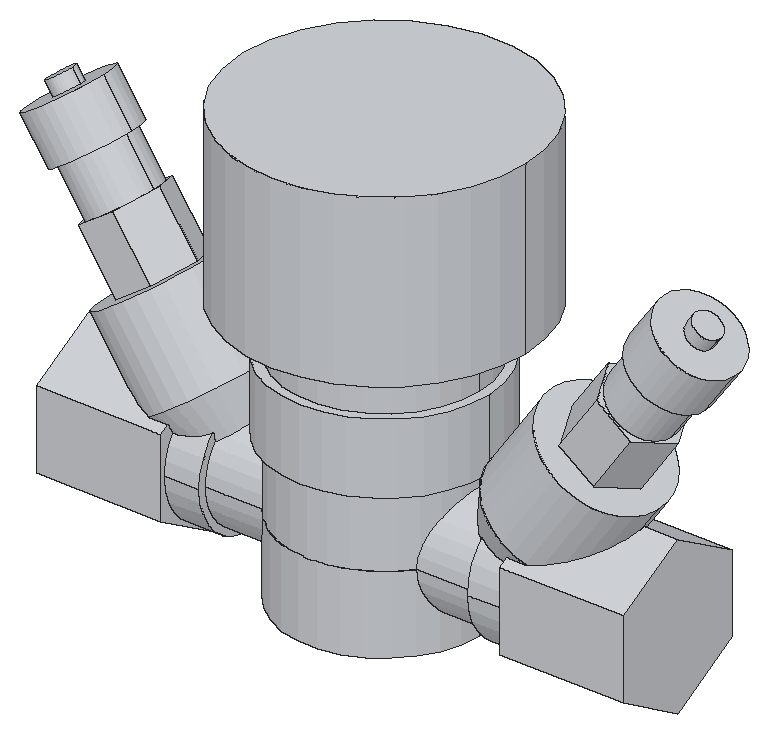
Revit family "D9525-DN-RFA2019", category Pipe Accessories, Revit 2019
Family settings
  Round Connector Dimension = Use Diameter
  Part Type = Valve - Breaks Into
  Work Plane-Based = No
  Always vertical = Yes
  Cut with Voids When Loaded = No
  Shared = No
Parameters (values of type "9525 DN15 LF")
  magiProductId = "0f0d3c44fff84d33bcc3edb98b3d66"
  magiProductFamilyId = "ec630ab62332464eb6277f46734e39"
  magiPartTypeId = 304
  isMeasuringValve [instance] = no
  ang2D [instance] = 0.00°
  ZZ = 10.076 mm
  ZN = 2 mm
  ZB1 = 9 mm
  ZB = 11 mm
  Z11 = 7 mm
  Z1 = 10 mm
  X0 = 18 mm
  W2D = 15 mm
  VersionID = "2.0/2019.5.23.1/VIR_9525_201"
  VIS0 = no
  V22 = 15.7 mm
  V2 = 17.8 mm
  V = 40 mm
  Use Minimum Symbol Size [instance] = no
  URL = "www.hydronix.cz"
  Type Comments = "závitový; PN10 (-10~+120°C) nebo PN20 (-10~+80°C)"
  RT = 2 mm
  RN = 11 mm
  R9 = 5 mm
  R8 = 6 mm
  R3 = 9 mm
  R2 = 8 mm
  R11 = 4.5 mm
  R1 = 9 mm
  R = 7.5 mm
  QmdConnectorList = "301;D;302;D"
  Productdata [instance] = ""
  Manufacturer = "Hydronix"
  MC Product Code = "9525 014 (D9525 DN15LF; kvs=0,86)"
  MC Piping Given Pressure Drop [instance] = 0.0 Pa
  MC Enable LOD 350 = no
  MC Enable LOD 200 = no
  MC Constant Outlet Pressure [instance] = 0.0 Pa
  L_2 = 41.5 mm
  LLDONLY = not(BBVIS)  # yes
  LLDAndHLD = and(or(LLDONLY, MC Enable LOD 350), not(BBVIS))  # yes
  LC = 9.8 mm
  L3 = 22.5 mm
  L2__ve = -L2  # -5 mm
  L2D_Min = 30.48 mm
  L2D = 83 mm
  L2 = 5 mm
  L1__ve = -L1  # -17.5 mm
  L1 = 17.5 mm
  L = 83 mm
  I4 = 26.585 mm
  I3 = 44.585 mm
  I2 = 49.5 mm
  I = 99 mm
  HBTR = 6.952 mm
  HBT3 = 6.952 mm
  HBT2 = 9.27 mm
  HBT11 = 13.099 mm
  HBT1 = 23.175 mm
  HBT = 46.35 mm
  HB = 51 mm
  ENBL350 = and(MC Enable LOD 350, not(BBVIS))  # no
  Description = "Ruční vyvažovací a 2-cestný regulační ventil závitový; bronzový; DN15LF; kvs0,86"
  DB11 = 25.65 mm
  DB1 = 29.7 mm
  DB = 27 mm
  D = 15 mm
  CenSd_RN_6 = RN * cos(30.00°)  # 9.526 mm
  CenSd_R8_6 = R8 * cos(30.00°)  # 5.196 mm
  CAT0 = yes
  CAT = no
  BBVIS = MC Enable LOD 200  # no
Types (4, lengths in mm): name | magiProductId | ZZ | ZB1 | ZB | Z11 | Z1 | W2D | RN | R3 | R2 | R | MC Product Code | L_2 | L2D | L | I4 | I3 | I2 | I | HBTR | HBT3 | HBT2 | HBT11 | HBT1 | HBT | HB | Description | DB11 | DB1 | DB | D | CenSd_RN_6
  9525 DN15 NF | "38bc2a49e75f44a19550cf5c31e8d8" | 10.076 | 9 | 11 | 7 | 10 | 15 | 11 | 9 | 8 | 7.5 | "9525 015 (D9525 DN15NF; kvs=1,83)" | 41.5 | 83 | 83 | 26.585 | 44.585 | 49.5 | 99 | 6.952 | 6.952 | 9.27 | 13.099 | 23.175 | 46.35 | 51 | "Ruční vyvažovací a 2-cestný regulační ventil závitový; bronzový; DN15NF; kvs1,83" | 25.65 | 29.7 | 27 | 15 | 9.526
  9525 DN15 LF | "0f0d3c44fff84d33bcc3edb98b3d66" | 10.076 | 9 | 11 | 7 | 10 | 15 | 11 | 9 | 8 | 7.5 | "9525 014 (D9525 DN15LF; kvs=0,86)" | 41.5 | 83 | 83 | 26.585 | 44.585 | 49.5 | 99 | 6.952 | 6.952 | 9.27 | 13.099 | 23.175 | 46.35 | 51 | "Ruční vyvažovací a 2-cestný regulační ventil závitový; bronzový; DN15LF; kvs0,86" | 25.65 | 29.7 | 27 | 15 | 9.526
  9525 DN20 | "da587af331304b45b3ec03b8fa0f34" | 11.213 | 12.667 | 14.667 | 7 | 10 | 20 | 14.667 | 12 | 10.667 | 10 | "9525 020 (D9525 DN20; kvs=3,47)" | 45 | 90 | 90 | 29.585 | 47.585 | 52.5 | 105 | 7.737 | 7.737 | 10.316 | 14.577 | 25.79 | 51.58 | 51 | "Ruční vyvažovací a 2-cestný regulační ventil závitový; bronzový; DN20; kvs3,47" | 27.813 | 32.205 | 29.277 | 20 | 12.702
  9525 DN25 | "1f5bab54bc3c45cdac322ce9a95cfe" | 11.971 | 16.333 | 18.333 | 9.745 | 13.922 | 25 | 18.333 | 15 | 13.333 | 12.5 | "9525 025 (D9525 DN25; kvs=6,30)" | 49 | 98 | 98 | 31.585 | 49.585 | 54.5 | 109 | 8.26 | 8.26 | 11.013 | 15.562 | 27.533 | 55.067 | 71 | "Ruční vyvažovací a 2-cestný regulační ventil závitový; bronzový; DN25; kvs6,30" | 30.286 | 35.067 | 31.88 | 25 | 15.877
Reference planes
  plane 1 "Center (Front/Back)": y = 0
  plane 2 "XYPLANE": z = 0
  plane 3 "Center (Left/Right)": x = 0
  plane 4 "506": x = -2.2
  plane 5 "476": through (-590.585, 0, 438.436) normal (0.5736, 0, 0.8192)
  plane 6 "473": through (-638.143, 0, -421.929) normal (-0.5736, 0, 0.8192)
  plane 7 "470": z = -9
  plane 8 "442": x = 49.5
  plane 9 "441": x = -49.5
  plane 10 "440": y = 20
  plane 11 "439": y = -20
  plane 12 "438": z = -11
  plane 13 "436": through (-569.779, 0, 468.15) normal (0.5736, 0, 0.8192)
  plane 14 "435": through (-573.767, 0, 462.455) normal (0.5736, 0, 0.8192)
  plane 15 "434": through (-577.754, 0, 456.76) normal (0.5736, 0, 0.8192)
  plane 16 "433": through (-583.071, 0, 449.166) normal (0.5736, 0, 0.8192)
  plane 17 "422": through (-658.949, 0, -392.215) normal (-0.5736, 0, 0.8192)
  plane 18 "419": through (-654.961, 0, -397.91) normal (-0.5736, 0, 0.8192)
  plane 19 "416": through (-650.974, 0, -403.605) normal (-0.5736, 0, 0.8192)
  plane 20 "413": through (-645.657, 0, -411.199) normal (-0.5736, 0, 0.8192)
  plane 21 "400": z = 35.2
  plane 22 "397": z = 33.2
  plane 23 "396": z = 51
  plane 24 "395": z = 27
  plane 25 "394": x = -20
  plane 26 "393": x = -0.2
  plane 27 "390": z = 20
  plane 28 "387": z = 10
  plane 29 "369": x = -18
  plane 30 "368": x = 18
  plane 31 "364": z = -11
  plane 32 "356": y = 0
  plane 33 "355": through (-448.182, 0, 614.364) normal (0.8192, 0, 0.5736)
  plane 34 "353": through (-632.364, 0, -430.182) normal (-0.5736, 0, 0.8192)
  plane 35 "328": y = 0
  plane 36 "157": x = 19
  plane 37 "70": through (-596.364, 0, 430.182) normal (0.5736, 0, 0.8192)
  plane 38 "68": through (448.182, 0, 614.364) normal (0.8192, 0, -0.5736)
  plane 39 "21": x = -19
  plane 40 "20": x = 24
  plane 41 "19": x = -24
  plane 42 "13": x = 0
  plane 43 "11": x = 41.5
  plane 44 "10": x = -41.5
  plane 45 "9": y = 0
  plane 46 "8": z = 0
  plane 47 "340XY": through (-632.364, 0, -430.182) normal (-0.5736, 0, 0.8192)
  plane 48 "340XZ": y = 0
  plane 49 "340YZ": through (-448.182, 0, 614.364) normal (0.8192, 0, 0.5736)
  plane 50 "65XY": through (-596.364, 0, 430.182) normal (0.5736, 0, 0.8192)
  plane 51 "65XZ": y = 0
  plane 52 "65YZ": through (448.182, 0, 614.364) normal (0.8192, 0, -0.5736)
Forms (mm)
  Extrusion 1, solid, visible <- "LLDAndHLD"
    sketch origin (-583.071, 0, 449.166) x (0.819152, 0, -0.573576) y (0, 1, 0)
      loop
        line (756, 0) -> (753, 5.196) -> (747, 5.196) -> (744, 0) -> (747, -5.196) -> (753, -5.196) -> (756, 0)
    from 0 to 9.27 <- "HBT2"
  Extrusion 2, solid, visible <- "LLDAndHLD"
    sketch origin (-645.657, 0, -411.199) x (0.819152, 0, 0.573576) y (0, 1, 0)
      loop
        line (756, 0) -> (753, 5.196) -> (747, 5.196) -> (744, 0) -> (747, -5.196) -> (753, -5.196) -> (756, 0)
    from 0 to 9.27 <- "HBT2"
  Blend 3, solid, visible <- "LLDAndHLD"
    base sketch origin (-596.364, 0, 430.182) x (0.819152, 0, -0.573576) y (0, 1, 0)
      loop
        circle (750, 0) r 4.5
    top sketch origin (-596.364, 0, 430.182) x (0.819152, 0, -0.573576) y (0, 1, 0)
      loop
        circle (750, 0) r 9
    from 0 to 10.076
  Blend 4, solid, visible <- "LLDAndHLD"
    base sketch origin (-638.143, 0, -421.929) x (0.819152, 0, 0.573576) y (0, 1, 0)
      loop
        circle (750, 0) r 9
    top sketch origin (-638.143, 0, -421.929) x (0.819152, 0, 0.573576) y (0, 1, 0)
      loop
        circle (750, 0) r 4.5
    from 0 to -10.076
  Blend 5, solid, visible <- "ENBL350"
    base sketch origin (-750, 0, -9) x (1, 0, 0) y (0, 1, 0)
      loop
        circle (750, 0) r 13.5
    top sketch origin (-750, 0, -9) x (1, 0, 0) y (0, 1, 0)
      loop
        circle (750, 0) r 12.825
    from 0 to -2
  Extrusion 6, solid, visible <- "ENBL350"
    sketch origin (-750, 0, -9) x (1, 0, 0) y (0, 1, 0)
      loop
        circle (750, 0) r 13.5
    from 0 to 9 <- "ZB1"
  Blend 7, solid, visible <- "BBVIS"
    base sketch origin (-750, 0, -11) x (1, 0, 0) y (0, 1, 0)
      loop
        line (700.5, -20) -> (799.5, -20) -> (799.5, 20) -> (700.5, 20) -> (700.5, -20)
    top sketch origin (-750, 0, -11) x (1, 0, 0) y (0, 1, 0)
      loop
        line (700.5, -20) -> (799.5, -20) -> (799.5, 20) -> (700.5, 20) -> (700.5, -20)
    from 0 to 62
  Blend 8, solid, visible <- "LLDONLY"
    base sketch origin (-750, 0, 27) x (1, 0, 0) y (0, 1, 0)
      loop
        circle (750, 0) r 20
    top sketch origin (-750, 0, 27) x (1, 0, 0) y (0, 1, 0)
      loop
        circle (750, 0) r 20
    from 0 to 24
  Extrusion 9, solid, visible <- "LLDAndHLD"
    sketch origin (-590.585, 0, 438.436) x (0.819152, 0, -0.573576) y (0, 1, 0)
      loop
        circle (750, 0) r 9
    from 0 to 13.099 <- "HBT11"
  Extrusion 10, solid, visible <- "LLDAndHLD"
    sketch origin (-577.754, 0, 456.76) x (0.819152, 0, -0.573576) y (0, 1, 0)
      loop
        circle (750, 0) r 5
    from 0 to 6.952 <- "HBT3"
  Extrusion 11, solid, visible <- "LLDAndHLD"
    sketch origin (-573.767, 0, 462.455) x (0.819152, 0, -0.573576) y (0, 1, 0)
      loop
        circle (750, 0) r 6
    from 0 to 6.952 <- "HBTR"
  Extrusion 12, solid, visible <- "LLDAndHLD"
    sketch origin (-569.779, 0, 468.15) x (0.819152, 0, -0.573576) y (0, 1, 0)
      loop
        circle (750, 0) r 2
    from 0 to 2
  Extrusion 13, solid, visible <- "LLDAndHLD"
    sketch origin (-658.949, 0, -392.215) x (0.819152, 0, 0.573576) y (0, 1, 0)
      loop
        circle (750, 0) r 2
    from 0 to 2
  Extrusion 14, solid, visible <- "LLDAndHLD"
    sketch origin (-654.961, 0, -397.91) x (0.819152, 0, 0.573576) y (0, 1, 0)
      loop
        circle (750, 0) r 6
    from 0 to 6.952 <- "HBTR"
  Extrusion 15, solid, visible <- "LLDAndHLD"
    sketch origin (-650.974, 0, -403.605) x (0.819152, 0, 0.573576) y (0, 1, 0)
      loop
        circle (750, 0) r 5
    from 0 to 6.952 <- "HBT3"
  Extrusion 16, solid, visible <- "LLDAndHLD"
    sketch origin (-638.143, 0, -421.929) x (0.819152, 0, 0.573576) y (0, 1, 0)
      loop
        circle (750, 0) r 9
    from 0 to 13.099 <- "HBT11"
  Revolve 17, solid, visible <- "ENBL350"
    sketch origin (-0.2, 0, 27) x (0, 0, -1) y (1, 0, 0)
      loop
        line (0, 0) -> (-24, 0) -> (-24, -2) -> (-24, -4.1)
        arc (-24, -4.1) -> (-19.402, -15.202) -> (-8.3, -19.8) r 15.7
        line (-8.3, -19.8) -> (0, -19.8) -> (0, -2) -> (0, 0)
      axis (-24, 0.2) -> (0, 0.2)
    angle from 0 to -360
  Extrusion 18, solid, visible <- "LLDAndHLD"
    sketch origin (-750, 0, 20) x (1, 0, 0) y (0, 1, 0)
      loop
        circle (750, 0) r 13.5
    from 0 to 7 <- "Z11"
  Extrusion 19, solid, visible <- "LLDAndHLD"
    sketch origin (-750, 0, 10) x (1, 0, 0) y (0, 1, 0)
      loop
        circle (750, 0) r 14.85
    from 0 to 10 <- "Z1"
  Blend 20, solid, visible <- "LLDAndHLD"
    base sketch origin (-19, -750, 0) x (0, 1, 0) y (0, 0, 1)
      loop
        circle (750, 0) r 8
    top sketch origin (-19, -750, 0) x (0, 1, 0) y (0, 0, 1)
      loop
        circle (750, 0) r 8
    from 0 to 38
  Extrusion 21, solid, visible <- "LLDAndHLD"
    sketch origin (-750, 0, 0) x (1, 0, 0) y (0, 1, 0)
      loop
        circle (750, 0) r 13.5
    from 0 to 10 <- "Z1"
  Extrusion 22, solid, visible <- "LLDONLY"
    sketch origin (-750, 0, -11) x (1, 0, 0) y (0, 1, 0)
      loop
        circle (750, 0) r 13.5
    from 0 to 11 <- "ZB"
  Extrusion 23, solid, visible <- "LLDAndHLD"
    sketch origin (19, -750, 0) x (0, 1, 0) y (0, 0, 1)
      loop
        circle (750, 0) r 9
    from 0 to 5 <- "L2"
  Extrusion 24, solid, visible <- "LLDAndHLD"
    sketch origin (-19, -750, 0) x (0, 1, 0) y (0, 0, 1)
      loop
        circle (750, 0) r 9
    from 0 to -5 <- "L2__ve"
  Extrusion 25, solid, visible <- "LLDAndHLD"
    sketch origin (41.5, -750, 0) x (0, 1, 0) y (0, 0, 1)
      loop
        line (750, 11) -> (740.474, 5.5) -> (740.474, -5.5) -> (750, -11) -> (759.526, -5.5) -> (759.526, 5.5) -> (750, 11)
    from 0 to -17.5 <- "L1__ve"
  Extrusion 26, solid, visible <- "LLDAndHLD"
    sketch origin (-41.5, -750, 0) x (0, 1, 0) y (0, 0, 1)
      loop
        line (750, 11) -> (740.474, 5.5) -> (740.474, -5.5) -> (750, -11) -> (759.526, -5.5) -> (759.526, 5.5) -> (750, 11)
    from 0 to 17.5 <- "L1"
  Extrusion 27, solid, not visible
    sketch origin (41.5, -750, 0) x (0, 1, 0) y (0, 0, 1)
      loop
        circle (750, 0) r 10
    from 0 to -10
  Extrusion 28, solid, not visible
    sketch origin (-41.5, -750, 0) x (0, 1, 0) y (0, 0, 1)
      loop
        circle (750, 0) r 10
    from 0 to 10
Lines and regions (mm)
  reference lines, not visible
    curve 1: circle (2, 2, 0) r 1 normal (0, 0, 1)
  reference lines
    curve 2: line (31.293, 0, 18.984) -> (30.064, 2.598, 19.844)
    curve 3: line (31.293, 0, 18.984) -> (28.835, 0, 20.704)
    curve 4: line (31.293, 0, 18.984) -> (30.064, -2.598, 19.844)
    curve 5: line (-31.293, 0, 18.984) -> (-32.521, 2.598, 18.123)
    curve 6: line (-31.293, 0, 18.984) -> (-33.75, 0, 17.263)
    curve 7: line (-31.293, 0, 18.984) -> (-32.521, -2.598, 18.123)
    curve 8: line (41.5, 0, 0) -> (41.5, -4.763, -2.75)
    curve 9: line (41.5, 0, 0) -> (41.5, 0, -5.5)
    curve 10: line (41.5, 0, 0) -> (41.5, 4.763, -2.75)
    curve 11: line (-41.5, 0, 0) -> (-41.5, 4.763, -2.75)
    curve 12: line (-41.5, 0, 0) -> (-41.5, 0, -5.5)
    curve 13: line (-41.5, 0, 0) -> (-41.5, -4.763, -2.75)
Dimensions and locks
  plane 1 "Center (Front/Back)" to curve 1 = 2 mm
  locked: plane 26 "393" to plane 4 "506" at 2
  "ZZ": plane 37 "70" to plane 5 "476"
  "ZZ": plane 34 "353" to plane 6 "473"
  locked: plane 31 "364" to plane 7 "470" at 2
  "I2": plane 42 "13" to plane 8 "442"
  "I2": plane 42 "13" to plane 9 "441"
  "V": plane 11 "439" to plane 10 "440"
  locked: plane 45 "9" to plane 11 "439" at 20
  "RN": plane 46 "8" to plane 12 "438"
  "HBTR": plane 14 "435" to plane 13 "436"
  "HBT3": plane 15 "434" to plane 14 "435"
  "HBT2": plane 16 "433" to plane 15 "434"
  "HBT1": plane 37 "70" to plane 16 "433"
  "HBTR": plane 18 "419" to plane 17 "422"
  "HBT3": plane 19 "416" to plane 18 "419"
  "HBT2": plane 20 "413" to plane 19 "416"
  "HBT1": plane 34 "353" to plane 20 "413"
  "ZN": plane 22 "397" to plane 21 "400"
  "V2": plane 23 "396" to plane 22 "397"
  "HB": plane 2 "XYPLANE" to plane 23 "396"
  "Z11": plane 27 "390" to plane 24 "395"
  "V2": plane 4 "506" to plane 25 "394"
  locked: plane 42 "13" to plane 26 "393" at 0.2
  "Z1": plane 28 "387" to plane 27 "390"
  "Z1": plane 2 "XYPLANE" to plane 28 "387"
  "X0": plane 3 "Center (Left/Right)" to plane 29 "369"
  "X0": plane 3 "Center (Left/Right)" to plane 30 "368"
  "ZB": plane 2 "XYPLANE" to plane 31 "364"
  locked: plane 45 "9" to plane 32 "356"
  locked: plane 49 "340YZ" to plane 33 "355"
  locked: plane 47 "340XY" to plane 34 "353" at 0
  locked: plane 45 "9" to plane 35 "328"
  "L2": plane 40 "20" to plane 36 "157"
  locked: plane 50 "65XY" to plane 37 "70"
  locked: plane 52 "65YZ" to plane 38 "68"
  "L2": plane 41 "19" to plane 39 "21"
  "L1": plane 43 "11" to plane 40 "20"
  "L1": plane 44 "10" to plane 41 "19"
  locked: plane 3 "Center (Left/Right)" to plane 42 "13"
  "L_2": plane 3 "Center (Left/Right)" to plane 43 "11"
  "L_2": plane 3 "Center (Left/Right)" to plane 44 "10"
  locked: plane 1 "Center (Front/Back)" to plane 45 "9"
  locked: plane 2 "XYPLANE" to plane 46 "8"
  "CenSd_R8_6": curve 2 to Extrusion 1 sketch curve  (x2)
  "CenSd_R8_6": curve 3 to Extrusion 1 sketch curve  (x2)
  "CenSd_R8_6": curve 4 to Extrusion 1 sketch curve  (x2)
  Extrusion 1 sketch curve to Extrusion 1 sketch curve = 0 mm  (x12)
  "CenSd_R8_6": curve 5 to Extrusion 2 sketch curve  (x2)
  "CenSd_R8_6": curve 6 to Extrusion 2 sketch curve  (x2)
  "CenSd_R8_6": curve 7 to Extrusion 2 sketch curve  (x2)
  Extrusion 2 sketch curve to Extrusion 2 sketch curve = 0 mm  (x12)
  Blend 7 sketch curve to Blend 7 sketch curve = 0 mm  (x16)
  Revolve 17 sketch curve to Revolve 17 sketch curve = 0 mm  (x14)
  "CenSd_RN_6": curve 8 to Extrusion 25 sketch curve  (x2)
  "CenSd_RN_6": curve 9 to Extrusion 25 sketch curve  (x2)
  "CenSd_RN_6": curve 10 to Extrusion 25 sketch curve  (x2)
  Extrusion 25 sketch curve to Extrusion 25 sketch curve = 0 mm  (x12)
  "CenSd_RN_6": curve 11 to Extrusion 26 sketch curve  (x2)
  "CenSd_RN_6": curve 12 to Extrusion 26 sketch curve  (x2)
  "CenSd_RN_6": curve 13 to Extrusion 26 sketch curve  (x2)
  Extrusion 26 sketch curve to Extrusion 26 sketch curve = 0 mm  (x12)
  "R1": radius of Blend 3 sketch curve
  "R11": radius of Blend 3 sketch curve
  "R11": radius of Blend 4 sketch curve
  "R1": radius of Blend 4 sketch curve
  "DB11": diameter of Blend 5 sketch curve
  "DB": diameter of Blend 5 sketch curve
  "DB": diameter of Extrusion 6 sketch curve
  "V": diameter of Blend 8 sketch curve  (x2)
  "R1": radius of Extrusion 9 sketch curve
  "R9": radius of Extrusion 10 sketch curve
  "R8": radius of Extrusion 11 sketch curve
  "RT": radius of Extrusion 12 sketch curve
  "RT": radius of Extrusion 13 sketch curve
  "R8": radius of Extrusion 14 sketch curve
  "R9": radius of Extrusion 15 sketch curve
  "R1": radius of Extrusion 16 sketch curve
  "V22": radius of Revolve 17 sketch curve
  "DB": diameter of Extrusion 18 sketch curve
  "DB1": diameter of Extrusion 19 sketch curve
  "R2": radius of Blend 20 sketch curve  (x2)
  "DB": diameter of Extrusion 21 sketch curve
  "DB": diameter of Extrusion 22 sketch curve
  "R3": radius of Extrusion 23 sketch curve
  "R3": radius of Extrusion 24 sketch curve
  locked: curve 3 to curve 2 (angle 60.00°)
  locked: curve 4 to curve 3 (angle 60.00°)
  locked: curve 4 to curve 2 (angle 120.00°)
  locked: curve 6 to curve 5 (angle 60.00°)
  locked: curve 7 to curve 6 (angle 60.00°)
  locked: curve 7 to curve 5 (angle 120.00°)
  locked: curve 9 to curve 8 (angle 60.00°)
  locked: curve 10 to curve 9 (angle 60.00°)
  locked: curve 10 to curve 8 (angle 120.00°)
  locked: curve 12 to curve 11 (angle 60.00°)
  locked: curve 13 to curve 12 (angle 60.00°)
  locked: curve 13 to curve 11 (angle 120.00°)
  aligned and locked: level to plane 2 "XYPLANE"
  aligned and locked: curve 2 to plane 38 "68"
  aligned and locked: plane 35 "328" to curve 3
  aligned and locked: curve 5 to plane 33 "355"
  aligned and locked: plane 32 "356" to curve 6
  aligned and locked: plane 35 "328" to Blend 3 sketch curve  (x2)
  aligned and locked: Blend 3 sketch curve to plane 38 "68"  (x2)
  aligned and locked: plane 5 "476" to Blend 3
  aligned and locked: plane 32 "356" to Blend 4 sketch curve  (x2)
  aligned and locked: Blend 4 sketch curve to plane 33 "355"  (x2)
  aligned and locked: Blend 4 to plane 34 "353"
  aligned and locked: plane 42 "13" to Blend 5 sketch curve  (x2)
  aligned and locked: plane 45 "9" to Blend 5 sketch curve  (x2)
  aligned and locked: Blend 5 to plane 31 "364"
  aligned and locked: plane 42 "13" to Extrusion 6 sketch curve
  aligned and locked: plane 45 "9" to Extrusion 6 sketch curve
  aligned and locked: plane 9 "441" to Blend 7 sketch curve  (x4)
  aligned and locked: plane 11 "439" to Blend 7 sketch curve  (x4)
  aligned and locked: plane 10 "440" to Blend 7 sketch curve  (x4)
  aligned and locked: plane 8 "442" to Blend 7 sketch curve  (x4)
  aligned and locked: plane 23 "396" to Blend 7
  aligned and locked: plane 42 "13" to Blend 8 sketch curve  (x2)
  aligned and locked: plane 45 "9" to Blend 8 sketch curve  (x2)
  aligned and locked: plane 23 "396" to Blend 8
  aligned and locked: plane 35 "328" to Extrusion 9 sketch curve
  aligned and locked: Extrusion 9 sketch curve to plane 38 "68"
  aligned and locked: plane 35 "328" to Extrusion 10 sketch curve
  aligned and locked: Extrusion 10 sketch curve to plane 38 "68"
  aligned and locked: plane 35 "328" to Extrusion 11 sketch curve
  aligned and locked: Extrusion 11 sketch curve to plane 38 "68"
  aligned and locked: plane 35 "328" to Extrusion 12 sketch curve
  aligned and locked: Extrusion 12 sketch curve to plane 38 "68"
  aligned and locked: plane 32 "356" to Extrusion 13 sketch curve
  aligned and locked: Extrusion 13 sketch curve to plane 33 "355"
  aligned and locked: plane 32 "356" to Extrusion 14 sketch curve
  aligned and locked: Extrusion 14 sketch curve to plane 33 "355"
  aligned and locked: plane 32 "356" to Extrusion 15 sketch curve
  aligned and locked: Extrusion 15 sketch curve to plane 33 "355"
  aligned and locked: plane 32 "356" to Extrusion 16 sketch curve
  aligned and locked: Extrusion 16 sketch curve to plane 33 "355"
  aligned and locked: plane 26 "393" to Revolve 17 sketch curve  (x2)
  aligned and locked: plane 24 "395" to Revolve 17 sketch curve  (x3)
  aligned and locked: plane 23 "396" to Revolve 17 sketch curve  (x3)
  aligned and locked: plane 4 "506" to Revolve 17 sketch curve  (x2)
  aligned and locked: Revolve 17 sketch curve to plane 25 "394"
  aligned and locked: plane 25 "394" to Revolve 17 sketch curve
  aligned and locked: Revolve 17 sketch curve to plane 24 "395"
  aligned and locked: plane 42 "13" to Extrusion 18 sketch curve
  aligned and locked: plane 45 "9" to Extrusion 18 sketch curve
  aligned and locked: plane 42 "13" to Extrusion 19 sketch curve
  aligned and locked: plane 45 "9" to Extrusion 19 sketch curve
  aligned and locked: Blend 20 sketch curve to plane 45 "9"  (x2)
  aligned and locked: plane 46 "8" to Blend 20 sketch curve  (x2)
  aligned and locked: plane 36 "157" to Blend 20
  aligned and locked: plane 42 "13" to Extrusion 21 sketch curve
  aligned and locked: plane 45 "9" to Extrusion 21 sketch curve
  aligned and locked: plane 42 "13" to Extrusion 22 sketch curve
  aligned and locked: plane 45 "9" to Extrusion 22 sketch curve
  aligned and locked: Extrusion 23 sketch curve to plane 45 "9"
  aligned and locked: plane 46 "8" to Extrusion 23 sketch curve
  aligned and locked: Extrusion 24 sketch curve to plane 45 "9"
  aligned and locked: plane 46 "8" to Extrusion 24 sketch curve
  aligned and locked: curve 10 to plane 45 "9"
  aligned and locked: plane 46 "8" to curve 10
  aligned and locked: curve 13 to plane 45 "9"
  aligned and locked: plane 46 "8" to curve 13
  aligned and locked: Extrusion 27 sketch curve to plane 45 "9"
  aligned and locked: plane 46 "8" to Extrusion 27 sketch curve
  aligned and locked: Extrusion 28 sketch curve to plane 45 "9"
  aligned and locked: plane 46 "8" to Extrusion 28 sketch curve
  aligned and locked: plane 42 "13" to nested 1
  aligned and locked: plane 45 "9" to nested 1
Automatic sketch dimensions
  plane 1 "Center (Front/Back)" to Extrusion 27 sketch curve = 10 mm
  plane 1 "Center (Front/Back)" to Extrusion 28 sketch curve = 10 mm
  plane 3 "Center (Left/Right)" to curve 1 = 2 mm
  Revolve 17 sketch curve to plane 3 "Center (Left/Right)" = 0 mm
  radius of curve 1 = 1 mm
Nested families
  nested 1: "2_RadialArray" at (0, 0, 35.2), LC <- "LC", type "Family21"
    with X 11 mm, StartAngle 90.00°, SW 5 mm, SH 13 mm, NumberOfObjects 6, ModelLinesVisible no, LC 9.8 mm, ArcAngle 360.00°
Connectors
  piping at (-41.5, 0, 0), diameter 15, driven by "D"
    settings: on Extrusion 28, index 1, connector inside diameter 609.6 mm, connector length 0 mm, flow factor 0, pipe flow 0.0 L/s, pressure drop 0.0 Pa, fitting loss kfactor 0, connector angle 0.00°, fixture units 0, engagement length 0 mm, angle of deflection 0.00°, flow configuration 0, flow direction 0, fitting loss method 0, system type 29, joint type 0, gender type 0, connector reference index 2, connector utility 0, adjustable connector no, is connector primary yes, connector description ""
  piping at (41.5, 0, 0), diameter 15, driven by "D"
    settings: on Extrusion 27, index 2, connector inside diameter 609.6 mm, connector length 0 mm, flow factor 0, pipe flow 0.0 L/s, pressure drop 0.0 Pa, fitting loss kfactor 0, connector angle 0.00°, fixture units 0, engagement length 0 mm, angle of deflection 0.00°, flow configuration 0, flow direction 0, fitting loss method 0, system type 29, joint type 0, gender type 0, connector reference index 1, connector utility 0, adjustable connector no, is connector primary no, connector description ""
